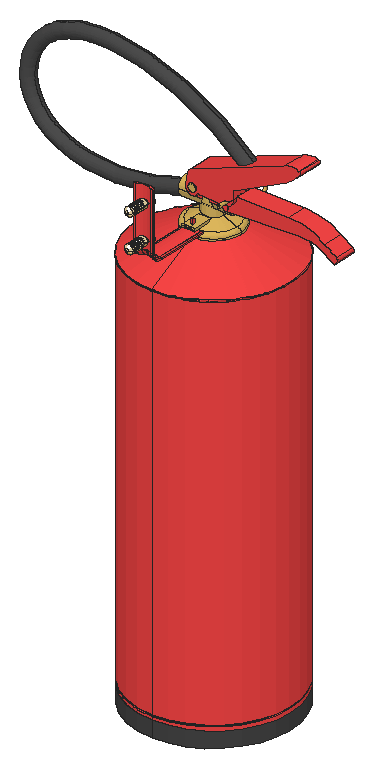
Revit family "Extintor Portátil - BC", category Proteção contra incêndio, Revit 2026
Family settings
  Cota do conector redondo = Utilizar diâmetro
  Tipo de parte = Normal
  Com base no plano de trabalho = Não
  Ativar corte nas vistas = Sim
  Sempre na vertical = Sim
  Corte com vazios quando carregada = Não
  Manter orientação da anotação = Não
  Compartilhado = Sim
  Ponto de cálculo do ambiente = Não
Parameters (values of type "20-BC - 6 kg")
  Tipo de imagem = Extintor - BC.png
  Tipo = "BC"
  SÍMBOLO = yes
  Sinalização de Solo [instance] = no
  Pernambuco = no
  Mato Grosso = no
  IMAGEM SIMBOLO PERNAMBUCO = 0
  IMAGEM SIMBOLO MATO GROSSO = 0
  IMAGEM SIMBOLO DISTRITO FEDERAL = 0
  IMAGEM SIMBOLO DEMAIS ESTADOS = 0
  Formato = "Portátil"
  Distro Federal = no
  Desloc. Frente [instance] = 20.00 cm
  Desloc. Esquerda [instance] = 0.00 cm
  Descrição = "Extintor Portátil - 20-B:C - 6 kg"
  Elevação padrão = 0.00 cm
  DESCRIÇÃO DO MATERIAL = Descrição  # "Extintor Portátil - 20-B:C - 6 kg"
  Type Comments = ""
  Demais estados = yes
  Carga = "6 kg"
  Capacidade Extintora = "20-B:C"
  Altura Instalada = 160.00 cm
Types (2, lengths in cm): name | Descrição | DESCRIÇÃO DO MATERIAL | Carga
  20-BC - 6 kg | "Extintor Portátil - 20-B:C - 6 kg" | "Extintor Portátil - 20-B:C - 6 kg" | "6 kg"
  40-BC - 12 kg | "Extintor Portátil - 40-B:C - 12 kg" | "Extintor Portátil - 40-B:C - 12 kg" | "12 kg"
Reference planes (cm)
  plane 1 "Centro (Frente/Trás)": y = 0
  plane 2: z = 0
  plane 3 "Centro (Esquerda/Direita)": x = 0
  plane 4: z = 160
  plane 5: z = 114.8285
Forms (cm)
  Revolve 1, solid, material "LATÃO", not visible
    sketch origin (512.5, 9.4644, -108.8868) x (1, 0, 0) y (0, 0, -1)
      loop
        line (-515.352, -267.1402) -> (-515.352, -267.3086)
        arc (-515.352, -267.3086) -> (-515.2378, -267.604) -> (-514.9545, -267.7457) r 0.4391
        line (-514.9545, -267.7457) -> (-513.5976, -268.3784) -> (-513.5976, -270.9598) -> (-512.5, -270.9598) -> (-512.5, -267.1402) -> (-515.352, -267.1402)
      axis (-512.5, -270.9598) -> (-512.5, -267.1402)
    angle from 0 to 360
  Extrusion 2, solid, material "LATÃO", not visible
    sketch origin (0, -8.5356, -108.8868) x (0, 1, 0) y (0, 0, -1)
      loop
        circle (18, -269.8519) r 1
    from -2.2901 to 2.852
  Extrusion 3, solid, material "Pintura Vermelha", not visible
    sketch origin (512.5, 11.7385, -108.8868) x (1, 0, 0) y (0, 0, -1)
      loop
        line (-514.431, -270.7615) -> (-514.2399, -271.8201)
        arc (-514.2399, -271.8201) -> (-514.07, -272.1841) -> (-513.7426, -272.4168) r 0.7871
        line (-513.7426, -272.4168) -> (-504.0905, -276.0508)
        arc (-504.0905, -276.0508) -> (-503.3249, -276.2128) -> (-502.5558, -276.0688) r 2
        line (-502.5558, -276.0688) -> (-502.4623, -276.0312)
        arc (-502.4623, -276.0312) -> (-502.359, -275.9073) -> (-502.4054, -275.7529) r 0.1702
        line (-502.4054, -275.7529) -> (-502.8188, -275.3394)
        arc (-502.8188, -275.3394) -> (-503.3151, -274.918) -> (-503.8731, -274.5828) r 4
        line (-503.8731, -274.5828) -> (-509.346, -271.8744) -> (-509.346, -271.0161)
        arc (-509.346, -271.0161) -> (-509.5312, -270.5072) -> (-510.0002, -270.2364) r 0.7917
        line (-510.0002, -270.2364) -> (-510.5886, -270.1327) -> (-513.1244, -270.31)
        arc (-513.1244, -270.31) -> (-513.9703, -269.9786) -> (-514.431, -270.7615) r 0.7
      loop
        circle (-513.7416, -270.6402) r 0.3999
      loop
        circle (-510.1681, -270.511) r 0.174
    from -3.5171 to -1.0457
  Extrusion 4, solid, material "Pintura Vermelha", not visible
    sketch origin (512.5, 11.7385, -108.8868) x (1, 0, 0) y (0, 0, -1)
      loop
        line (-514.4685, -270.738) -> (-514.2111, -271.6263)
        arc (-514.2111, -271.6263) -> (-514.1084, -271.7833) -> (-513.931, -271.8441) r 0.289
        line (-513.931, -271.8441) -> (-509.9322, -271.8441)
        arc (-509.9322, -271.8441) -> (-509.5653, -271.7141) -> (-509.3622, -271.382) r 0.5825
        line (-509.3622, -271.382) -> (-509.3259, -271.2101) -> (-503.785, -271.2101)
        arc (-503.785, -271.2101) -> (-501.8304, -270.9093) -> (-500.0567, -270.0346) r 6.5
        line (-500.0567, -270.0346) -> (-498.8325, -269.1774)
        arc (-498.8325, -269.1774) -> (-498.7163, -268.9761) -> (-498.7958, -268.7576) r 0.275
        line (-498.7958, -268.7576) -> (-499.0612, -268.4922) -> (-500.8253, -269.5254)
        arc (-500.8253, -269.5254) -> (-501.7717, -269.8338) -> (-502.7644, -269.9058) r 4.1122
        line (-502.7644, -269.9058) -> (-510.4608, -269.5288) -> (-510.7626, -269.8306) -> (-513.8876, -269.8306)
        arc (-513.8876, -269.8306) -> (-514.3665, -270.1636) -> (-514.4685, -270.738) r 0.7603
      loop
        circle (-513.7416, -270.6402) r 0.3999
      loop
        circle (-510.1792, -270.5042) r 0.2205
    from -3.3101 to -1.2023
  Extrusion 5, solid, material "LATÃO", not visible, detail levels medium+fine
    sketch origin (512.5, 13.2385, -108.2618) x (1, 0, 0) y (0, 0, -1)
      loop
        circle (-512.5, -269.2509) r 1.5
    from -1.2576 to -0.9824
  Sweep 6, solid, material "MANGUEIRA EXTINTOR", not visible
    path origin (512.5, 9.4099, -108.8868) x (1, 0, 0) y (0, 0, -1)
      loop
        spline (-514.8263, -269.8635) -> (-519.9522, -268.4972) -> (-524.5272, -268.3983) -> (-528.2055, -269.3959) -> (-530.6532, -271.3101) -> (-531.7331, -273.8106) -> (-531.4716, -276.4419) -> (-529.9001, -278.7449) -> (-527.05, -280.2603) -> (-523.041, -280.6093) -> (-518.283, -279.6772) -> (-513.2454, -277.403) -> (-508.3975, -273.7263)
    profile origin (-18.9716, 9.4099, 167.5551) x (0.940178, 0, -0.340682) y (0, 1, 0)
      loop
        circle (0, 0) r 0.7064
  Extrusion 7, solid, material "LATÃO", not visible
    sketch origin (512.5, 11.7385, -1.7466) x (1, 0, 0) y (0, 0, -1)
      loop
        circle (-513.7416, -163.5) r 0.3999
    from -3.5547 to -1.0118
  Sweep 8, solid, material "LATÃO", not visible
    path origin (-10.6073, 13.9644, 176.5919) x (-0.653611, 0, 0.756831) y (0, 1, 0)
      loop
        line (-19.7675, -6.7287) -> (-19.7675, -3.2287)
        arc (-19.7675, -3.2287) -> (-19.8376, -3.0235) -> (-20.0186, -2.9042) r 0.3352
        arc (-20.0186, -2.9042) -> (-19.7105, -0.9379) -> (-19.6283, -2.9265) r 1
    profile origin (2.3129, 8.9857, 161.6312) x (0.653611, 0, -0.756831) y (-0.756831, 0, -0.653611)
      loop
        circle (0, 0) r 0.1386
  Extrusion 9, solid, material "LATÃO", not visible
    sketch origin (0, 3.4644, -0.5084) x (0, 1, 0) y (0, 0, 1)
      loop
        line (4.8999, 160) -> (2.7614, 160)
        arc (2.7614, 160) -> (2.6976, 159.9769) -> (2.6634, 159.9183) r 0.0996
        line (2.6634, 159.9183) -> (2.6634, 159.8172)
        arc (2.6634, 159.8172) -> (2.6946, 159.7514) -> (2.7624, 159.7247) r 0.0992
        line (2.7624, 159.7247) -> (4.3095, 159.7247) -> (4.8999, 160)
    from -0.6244 to 0.6912
  Extrusion 10, void, not visible
    sketch origin (0, 0.2973, -1.1737) x (1, 0, 0) y (0, 1, 0)
      loop
        circle (-0.0064, 6.4293) r 0.2336
    from 160.2 to 160.7791
  Revolve 11, solid, material "Pintura Vermelha"
    sketch origin (0, 0, 0) x (0, 1, 0) y (0, 0, 1)
      loop
        line (9.1671, 159.4271) -> (9.1671, 116.4981) -> (17.1671, 116.4981) -> (17.1671, 116.8285) -> (16.9679, 116.8285) -> (16.9679, 117.0285) -> (17.1671, 117.0285) -> (17.1671, 156.6535)
        arc (17.1671, 156.6535) -> (17.2243, 156.6689) -> (17.2659, 156.711) r 0.1136
        arc (17.2659, 156.711) -> (17.2691, 156.7524) -> (17.2392, 156.7812) r 0.0487
        line (17.2392, 156.7812) -> (12.0191, 159.4271) -> (9.1671, 159.4271)
      axis (9.1671, 159.4271) -> (9.1671, 116.4981)
    angle from 0 to 360
  Revolve 12, solid, material "Cor Preta"
    sketch origin (0, 0, 0) x (0, 1, 0) y (0, 0, 1)
      loop
        line (9.1671, 116.4981) -> (9.1671, 114.8285) -> (17.1671, 114.8285) -> (17.1671, 116.4981) -> (9.1671, 116.4981)
      axis (9.1671, 116.4981) -> (9.1671, 114.8285)
    angle from 0 to 360
  Revolve 13, solid, material "LATÃO"
    sketch origin (512.5, 9.1671, -107.7131) x (1, 0, 0) y (0, 0, -1)
      loop
        line (-515.352, -267.1402) -> (-515.352, -267.3086)
        arc (-515.352, -267.3086) -> (-515.2378, -267.604) -> (-514.9545, -267.7457) r 0.4391
        line (-514.9545, -267.7457) -> (-513.5976, -268.3784) -> (-513.5976, -270.9598) -> (-512.5, -270.9598) -> (-512.5, -267.1402) -> (-515.352, -267.1402)
      axis (-512.5, -270.9598) -> (-512.5, -267.1402)
    angle from 0 to 360
  Extrusion 14, solid, material "LATÃO"
    sketch origin (0, -8.8329, -107.7131) x (0, 1, 0) y (0, 0, -1)
      loop
        circle (18, -269.8519) r 1
    from -2.2901 to 2.852
  Extrusion 15, solid, material "Pintura Vermelha"
    sketch origin (512.5, 11.4412, -107.7131) x (1, 0, 0) y (0, 0, -1)
      loop
        line (-514.431, -270.7615) -> (-514.2399, -271.8201)
        arc (-514.2399, -271.8201) -> (-514.07, -272.1841) -> (-513.7426, -272.4168) r 0.7871
        line (-513.7426, -272.4168) -> (-504.0905, -276.0508)
        arc (-504.0905, -276.0508) -> (-503.3249, -276.2128) -> (-502.5558, -276.0688) r 2
        line (-502.5558, -276.0688) -> (-502.4623, -276.0312)
        arc (-502.4623, -276.0312) -> (-502.359, -275.9073) -> (-502.4054, -275.7529) r 0.1702
        line (-502.4054, -275.7529) -> (-502.8188, -275.3394)
        arc (-502.8188, -275.3394) -> (-503.3151, -274.918) -> (-503.8731, -274.5828) r 4
        line (-503.8731, -274.5828) -> (-509.346, -271.8744) -> (-509.346, -271.0161)
        arc (-509.346, -271.0161) -> (-509.5312, -270.5072) -> (-510.0002, -270.2364) r 0.7917
        line (-510.0002, -270.2364) -> (-510.5886, -270.1327) -> (-513.1244, -270.31)
        arc (-513.1244, -270.31) -> (-513.9703, -269.9786) -> (-514.431, -270.7615) r 0.7
      loop
        circle (-513.7416, -270.6402) r 0.3999
      loop
        circle (-510.1681, -270.511) r 0.174
    from -3.5171 to -1.0457
  Extrusion 16, solid, material "Pintura Vermelha"
    sketch origin (512.5, 11.4412, -107.7131) x (1, 0, 0) y (0, 0, -1)
      loop
        line (-514.4685, -270.738) -> (-514.2111, -271.6263)
        arc (-514.2111, -271.6263) -> (-514.1084, -271.7833) -> (-513.931, -271.8441) r 0.289
        line (-513.931, -271.8441) -> (-509.9322, -271.8441)
        arc (-509.9322, -271.8441) -> (-509.5653, -271.7141) -> (-509.3622, -271.382) r 0.5825
        line (-509.3622, -271.382) -> (-509.3259, -271.2101) -> (-503.785, -271.2101)
        arc (-503.785, -271.2101) -> (-501.8304, -270.9093) -> (-500.0567, -270.0346) r 6.5
        line (-500.0567, -270.0346) -> (-498.8325, -269.1774)
        arc (-498.8325, -269.1774) -> (-498.7163, -268.9761) -> (-498.7958, -268.7576) r 0.275
        line (-498.7958, -268.7576) -> (-499.0612, -268.4922) -> (-500.8253, -269.5254)
        arc (-500.8253, -269.5254) -> (-501.7717, -269.8338) -> (-502.7644, -269.9058) r 4.1122
        line (-502.7644, -269.9058) -> (-510.4608, -269.5288) -> (-510.7626, -269.8306) -> (-513.8876, -269.8306)
        arc (-513.8876, -269.8306) -> (-514.3665, -270.1636) -> (-514.4685, -270.738) r 0.7603
      loop
        circle (-513.7416, -270.6402) r 0.3999
      loop
        circle (-510.1792, -270.5042) r 0.2205
    from -3.3101 to -1.2023
  Extrusion 17, solid, material "LATÃO"
    sketch origin (512.5, 12.9412, -107.0881) x (1, 0, 0) y (0, 0, -1)
      loop
        circle (-512.5, -269.2509) r 1.5
    from -1.2576 to -0.9824
  Sweep 18, solid, material "MANGUEIRA EXTINTOR"
    path origin (512.5, 9.1126, -107.7131) x (1, 0, 0) y (0, 0, -1)
      loop
        spline (-514.8263, -269.8635) -> (-519.9522, -268.4972) -> (-524.5272, -268.3983) -> (-528.2055, -269.3959) -> (-530.6532, -271.3101) -> (-531.7331, -273.8106) -> (-531.4716, -276.4419) -> (-529.9001, -278.7449) -> (-527.05, -280.2603) -> (-523.041, -280.6093) -> (-518.283, -279.6772) -> (-513.2454, -277.403) -> (-508.3975, -273.7263)
    profile origin (-18.9716, 9.1126, 168.7288) x (0.940178, 0, -0.340682) y (0, 1, 0)
      loop
        circle (0, 0) r 0.7064
  Extrusion 19, solid, material "LATÃO"
    sketch origin (512.5, 11.4412, -0.5729) x (1, 0, 0) y (0, 0, -1)
      loop
        circle (-513.7416, -163.5) r 0.3999
    from -3.5547 to -1.0118
  Sweep 20, solid, material "LATÃO"
    path origin (-10.6073, 13.6671, 177.7656) x (-0.653611, 0, 0.756831) y (0, 1, 0)
      loop
        line (-19.7675, -6.7287) -> (-19.7675, -3.2287)
        arc (-19.7675, -3.2287) -> (-19.8376, -3.0235) -> (-20.0186, -2.9042) r 0.3352
        arc (-20.0186, -2.9042) -> (-19.7105, -0.9379) -> (-19.6283, -2.9265) r 1
    profile origin (2.3129, 8.6884, 162.8049) x (0.653611, 0, -0.756831) y (-0.756831, 0, -0.653611)
      loop
        circle (0, 0) r 0.1386
  Extrusion 21, solid, material "LATÃO"
    sketch origin (0, 3.1671, 0.6653) x (0, 1, 0) y (0, 0, 1)
      loop
        line (4.8999, 160) -> (2.7614, 160)
        arc (2.7614, 160) -> (2.6976, 159.9769) -> (2.6634, 159.9183) r 0.0996
        line (2.6634, 159.9183) -> (2.6634, 159.8172)
        arc (2.6634, 159.8172) -> (2.6946, 159.7514) -> (2.7624, 159.7247) r 0.0992
        line (2.7624, 159.7247) -> (4.3095, 159.7247) -> (4.8999, 160)
    from -0.6244 to 0.6912
  Extrusion 22, solid, material "Sinalização de Solo - Vermelho", visible <- "Sinalização de Solo", detail levels fine
    sketch origin (0, 0, 0) x (1, 0, 0) y (0, 1, 0)
      loop
        line (-35, 15) -> (35, 15) -> (35, 85) -> (-35, 85) -> (-35, 15)
    from 0 to 0.1
  Extrusion 23, solid, material "Sinalização de Solo - Amarela", visible <- "Sinalização de Solo", detail levels fine
    sketch origin (0, 0, 0) x (1, 0, 0) y (0, 1, 0)
      loop
        line (-50, 0) -> (50, 0) -> (50, 100) -> (-50, 100) -> (-50, 0)
      loop
        line (-35, 15) -> (35, 15) -> (35, 85) -> (-35, 85) -> (-35, 15)
    from 0 to 0.1
Dimensions and locks (cm)
  "Altura Instalada": plane 4 to level
  locked: plane 5 to plane 4 at 45.1715
  "Desloc. Frente": plane 1 "Centro (Frente/Trás)" to nested 4
  "Desloc. Frente": plane 1 "Centro (Frente/Trás)" to nested 5
  "Desloc. Frente": plane 1 "Centro (Frente/Trás)" to nested 6
  "Desloc. Esquerda": nested 4 to plane 3 "Centro (Esquerda/Direita)"
  "Desloc. Esquerda": nested 5 to plane 3 "Centro (Esquerda/Direita)"
  "Desloc. Esquerda": nested 6 to plane 3 "Centro (Esquerda/Direita)"
  "Desloc. Frente": nested 7 to plane 1 "Centro (Frente/Trás)"
  "Desloc. Esquerda": nested 7 to plane 3 "Centro (Esquerda/Direita)"
  aligned and locked: level to plane 2
Automatic sketch dimensions
  Revolve 11 sketch curve to plane 4 = 0.5729 cm
  Revolve 11 sketch curve to plane 1 "Centro (Frente/Trás)" = 9.1671 cm
  Revolve 11 sketch curve to Revolve 11 sketch curve = 2.852 cm
  plane 5 to Revolve 11 sketch curve = 2.20 cm
  Revolve 11 sketch curve to Revolve 11 sketch curve = 7.8008 cm
  Revolve 11 sketch curve to Revolve 11 sketch curve = 0.1992 cm  (x2)
  Revolve 11 sketch curve to Revolve 11 sketch curve = 0.0564 cm
  Revolve 11 sketch curve to plane 4 = 3.2188 cm
  Revolve 11 sketch curve to Revolve 11 sketch curve = 0.0157 cm
  Revolve 11 sketch curve to Revolve 11 sketch curve = 0.20 cm
  plane 5 to Revolve 11 sketch curve = 1.6697 cm
  Revolve 11 sketch curve to Revolve 11 sketch curve = 0.1277 cm
  Revolve 11 sketch curve to Revolve 11 sketch curve = 0.0461 cm
  Revolve 11 sketch curve to Revolve 11 sketch curve = 0.032 cm
  Revolve 11 sketch curve to Revolve 11 sketch curve = 0.00 cm  (x2)
  Revolve 11 sketch curve to Revolve 11 sketch curve = 0.3303 cm
  Revolve 12 sketch curve to plane 5 = 0.00 cm  (x2)
  plane 5 to Revolve 12 sketch curve = 1.6697 cm
  Revolve 12 sketch curve to plane 1 "Centro (Frente/Trás)" = 9.1671 cm
  Revolve 12 sketch curve to Revolve 12 sketch curve = 8.00 cm
  Revolve 12 sketch curve to Revolve 12 sketch curve = 0.00 cm
  Revolve 12 sketch curve to Revolve 12 sketch curve = 0.3303 cm
  Revolve 13 sketch curve to plane 3 "Centro (Esquerda/Direita)" = 0.00 cm  (x2)
  Revolve 13 sketch curve to Revolve 13 sketch curve = 1.0976 cm
  Revolve 13 sketch curve to plane 4 = 0.4045 cm
  Revolve 13 sketch curve to Revolve 13 sketch curve = 1.3153 cm
  plane 4 to Revolve 13 sketch curve = 0.0326 cm
  Revolve 13 sketch curve to Revolve 13 sketch curve = 0.0416 cm
  plane 4 to Revolve 13 sketch curve = 0.6653 cm
  Revolve 13 sketch curve to Revolve 13 sketch curve = 2.5813 cm
  Revolve 13 sketch curve to plane 4 = 0.5729 cm
  Revolve 13 sketch curve to Revolve 13 sketch curve = 0.2882 cm
  Revolve 13 sketch curve to Revolve 13 sketch curve = 0.9686 cm
  plane 4 to Extrusion 14 sketch curve = 2.1388 cm
  Extrusion 14 sketch curve to plane 1 "Centro (Frente/Trás)" = 9.1671 cm
  Extrusion 15 sketch curve to Extrusion 15 sketch curve = 0.00 cm  (x2)
  Extrusion 15 sketch curve to plane 3 "Centro (Esquerda/Direita)" = 1.931 cm
  Extrusion 15 sketch curve to Extrusion 15 sketch curve = 0.1912 cm
  Extrusion 15 sketch curve to Extrusion 15 sketch curve = 0.4972 cm
  Extrusion 15 sketch curve to Extrusion 15 sketch curve = 0.6894 cm
  Extrusion 15 sketch curve to Extrusion 15 sketch curve = 0.7746 cm
  Extrusion 15 sketch curve to plane 3 "Centro (Esquerda/Direita)" = 0.6244 cm
  plane 3 "Centro (Esquerda/Direita)" to Extrusion 15 sketch curve = 1.9114 cm
  Extrusion 15 sketch curve to Extrusion 15 sketch curve = 0.4204 cm
  Extrusion 15 sketch curve to Extrusion 15 sketch curve = 0.0305 cm
  Extrusion 15 sketch curve to Extrusion 15 sketch curve = 0.1679 cm
  Extrusion 15 sketch curve to Extrusion 15 sketch curve = 0.7917 cm
  plane 3 "Centro (Esquerda/Direita)" to Extrusion 15 sketch curve = 6.8527 cm
  Extrusion 15 sketch curve to Extrusion 15 sketch curve = 1.5568 cm
  Extrusion 15 sketch curve to Extrusion 15 sketch curve = 0.2174 cm
  Extrusion 15 sketch curve to Extrusion 15 sketch curve = 0.5716 cm
  Extrusion 15 sketch curve to Extrusion 15 sketch curve = 0.4827 cm
  Extrusion 15 sketch curve to Extrusion 15 sketch curve = 0.2631 cm
  Extrusion 15 sketch curve to Extrusion 15 sketch curve = 0.0301 cm
  Extrusion 15 sketch curve to Extrusion 15 sketch curve = 0.0935 cm
  Extrusion 15 sketch curve to Extrusion 15 sketch curve = 0.1204 cm
  plane 4 to Extrusion 15 sketch curve = 10.4547 cm
  Extrusion 15 sketch curve to Extrusion 15 sketch curve = 2.0991 cm
  Extrusion 15 sketch curve to Extrusion 15 sketch curve = 0.018 cm
  Extrusion 15 sketch curve to Extrusion 15 sketch curve = 0.0376 cm
  Extrusion 15 sketch curve to Extrusion 15 sketch curve = 0.1579 cm
  Extrusion 15 sketch curve to Extrusion 15 sketch curve = 0.4135 cm
  plane 4 to Extrusion 15 sketch curve = 4.7037 cm
  plane 4 to Extrusion 15 sketch curve = 4.1613 cm
  Extrusion 15 sketch curve to Extrusion 15 sketch curve = 0.5967 cm
  Extrusion 15 sketch curve to Extrusion 15 sketch curve = 0.8584 cm
  Extrusion 15 sketch curve to Extrusion 15 sketch curve = 1.0586 cm
  Extrusion 15 sketch curve to Extrusion 15 sketch curve = 0.1213 cm
  Extrusion 15 sketch curve to Extrusion 15 sketch curve = 0.2746 cm
  Extrusion 15 sketch curve to Extrusion 15 sketch curve = 0.3783 cm
  Extrusion 16 sketch curve to plane 3 "Centro (Esquerda/Direita)" = 1.9685 cm
  Extrusion 16 sketch curve to Extrusion 16 sketch curve = 0.2574 cm
  Extrusion 16 sketch curve to Extrusion 16 sketch curve = 0.2801 cm
  Extrusion 16 sketch curve to Extrusion 16 sketch curve = 0.5809 cm
  Extrusion 16 sketch curve to Extrusion 16 sketch curve = 0.7269 cm
  Extrusion 16 sketch curve to Extrusion 16 sketch curve = 0.0154 cm
  plane 3 "Centro (Esquerda/Direita)" to Extrusion 16 sketch curve = 1.7374 cm
  Extrusion 16 sketch curve to Extrusion 16 sketch curve = 0.3018 cm  (x2)
  Extrusion 16 sketch curve to Extrusion 16 sketch curve = 0.5834 cm
  Extrusion 16 sketch curve to Extrusion 16 sketch curve = 0.2471 cm
  Extrusion 16 sketch curve to Extrusion 16 sketch curve = 0.57 cm
  Extrusion 16 sketch curve to Extrusion 16 sketch curve = 0.0363 cm
  Extrusion 16 sketch curve to plane 4 = 3.003 cm
  Extrusion 16 sketch curve to Extrusion 16 sketch curve = 6.6758 cm
  plane 4 to Extrusion 16 sketch curve = 2.1927 cm
  Extrusion 16 sketch curve to Extrusion 16 sketch curve = 1.0206 cm
  Extrusion 16 sketch curve to Extrusion 16 sketch curve = 1.2217 cm
  plane 4 to Extrusion 16 sketch curve = 1.8123 cm
  Extrusion 16 sketch curve to Extrusion 16 sketch curve = 1.9391 cm
  plane 4 to Extrusion 16 sketch curve = 2.3215 cm
  Extrusion 16 sketch curve to Extrusion 16 sketch curve = 0.7686 cm
  plane 4 to Extrusion 16 sketch curve = 0.7791 cm
  Extrusion 16 sketch curve to Extrusion 16 sketch curve = 0.9955 cm
  Extrusion 16 sketch curve to Extrusion 16 sketch curve = 0.0709 cm
  plane 4 to Extrusion 16 sketch curve = 1.4643 cm
  Extrusion 16 sketch curve to Extrusion 16 sketch curve = 0.1578 cm
  plane 4 to Extrusion 16 sketch curve = 1.0445 cm
  Extrusion 16 sketch curve to Extrusion 16 sketch curve = 0.1945 cm
  Extrusion 16 sketch curve to Extrusion 16 sketch curve = 0.0515 cm
  Extrusion 16 sketch curve to Extrusion 16 sketch curve = 0.1719 cm
  Extrusion 16 sketch curve to Extrusion 16 sketch curve = 0.289 cm
  Extrusion 16 sketch curve to Extrusion 16 sketch curve = 0.8883 cm
  Extrusion 16 sketch curve to Extrusion 16 sketch curve = 0.0978 cm
  Extrusion 16 sketch curve to Extrusion 16 sketch curve = 0.0666 cm
  Extrusion 16 sketch curve to Extrusion 16 sketch curve = 0.7574 cm
  Extrusion 17 sketch curve to plane 3 "Centro (Esquerda/Direita)" = 0.00 cm
  plane 4 to Extrusion 17 sketch curve = 2.1628 cm
  Sweep 18 sketch curve to plane 3 "Centro (Esquerda/Direita)" = 2.3263 cm
  plane 4 to Sweep 18 sketch curve = 6.0132 cm
  plane 3 "Centro (Esquerda/Direita)" to Sweep 18 sketch curve = 4.1025 cm
  plane 4 to Sweep 18 sketch curve = 2.1504 cm
  Sweep 18 sketch curve to profile plane = 0.00 cm  (x2)
  Extrusion 19 sketch curve to plane 3 "Centro (Esquerda/Direita)" = 1.2416 cm
  plane 4 to Extrusion 19 sketch curve = 2.9271 cm
  Sweep 20 sketch curve to plane 1 "Centro (Frente/Trás)" = 10.4384 cm
  Sweep 20 sketch curve to Sweep 20 sketch curve = 0.3352 cm  (x2)
  Sweep 20 sketch curve to Sweep 20 sketch curve = 1.2925 cm
  Sweep 20 sketch curve to Sweep 20 sketch curve = 0.00 cm
  Sweep 20 sketch curve to Sweep 20 sketch curve = 0.1392 cm
  Sweep 20 sketch curve to Sweep 20 sketch curve = 3.50 cm
  profile plane to Sweep 20 sketch curve = 0.00 cm  (x2)
  plane 4 to Extrusion 21 sketch curve = 0.5836 cm
  Extrusion 21 sketch curve to plane 1 "Centro (Frente/Trás)" = 5.8305 cm
  Extrusion 21 sketch curve to Extrusion 21 sketch curve = 0.098 cm
  Extrusion 21 sketch curve to Extrusion 21 sketch curve = 0.099 cm
  plane 4 to Extrusion 21 sketch curve = 0.39 cm
  Extrusion 21 sketch curve to Extrusion 21 sketch curve = 1.5471 cm
  plane 4 to Extrusion 21 sketch curve = 0.6653 cm
  Extrusion 21 sketch curve to Extrusion 21 sketch curve = 0.5904 cm
  Extrusion 21 sketch curve to Extrusion 21 sketch curve = 0.101 cm
  Extrusion 22 sketch curve to plane 3 "Centro (Esquerda/Direita)" = 35.00 cm
  plane 3 "Centro (Esquerda/Direita)" to Extrusion 22 sketch curve = 35.00 cm
  Extrusion 22 sketch curve to plane 1 "Centro (Frente/Trás)" = 15.00 cm
  Extrusion 22 sketch curve to Extrusion 22 sketch curve = 70.00 cm
  plane 1 "Centro (Frente/Trás)" to Extrusion 23 sketch curve = 0.00 cm
  Extrusion 23 sketch curve to plane 3 "Centro (Esquerda/Direita)" = 50.00 cm
  Extrusion 23 sketch curve to Extrusion 23 sketch curve = 15.00 cm  (x3)
  Extrusion 23 sketch curve to plane 1 "Centro (Frente/Trás)" = 15.00 cm
  plane 3 "Centro (Esquerda/Direita)" to Extrusion 23 sketch curve = 35.00 cm
  Extrusion 23 sketch curve to Extrusion 23 sketch curve = 70.00 cm
  radius of Extrusion 14 sketch curve = 1.00 cm
  radius of Extrusion 15 sketch curve = 0.3999 cm
  radius of Extrusion 15 sketch curve = 0.174 cm
  radius of Extrusion 16 sketch curve = 0.3999 cm
  radius of Extrusion 16 sketch curve = 0.2205 cm
  radius of Extrusion 17 sketch curve = 1.50 cm
  radius of Sweep 18 sketch curve = 0.7064 cm
  radius of Extrusion 19 sketch curve = 0.3999 cm
  radius of Sweep 20 sketch curve = 0.1386 cm
Nested families (cm)
  nested 1: "Suporte Universal de Extintor" at (0, 0, 160) x (0, -1, 0) z (0, 0, 1), type "Suporte Universal de Extintor"
  nested 2: "Parafuso Nº 08 com Bucha 08" at (-0.0069, 0.3919, 161.8745) x (1, 0.004, 0) z (-0.004, 1, 0), type "Parafuso Nº 08 - Bucha Nº 08"
  nested 3: "Parafuso Nº 08 com Bucha 08" at (-0.0002, 0.3922, 165.3708) x (1, 0.0002, 0) z (-0.0002, 1, 0), type "Parafuso Nº 08 - Bucha Nº 08"
  nested 4: "CARGA DE PÓ BC" at (0, 20, 0) x (-1, 0, 0) z (0, 0, 1), visible <- "Demais estados", type "CARGA DE PÓ BC 1-100", detail levels coarse+medium
    with Esc. Símbolo - 1/100~200 no, Desloc. Frente 0.00 cm, Desloc. Esquerda 0.00 cm
  nested 5: "EXTINTOR - CARGA DE PÓ BC 1-100 - DF" at (0, 20, 0), visible <- "Distro Federal", type "EXTINTOR - CARGA DE PÓ BC 1-100 - DF", detail levels coarse+medium
    with Esc. Símbolo - 1/100~200 yes, Desloc. Frente 0.00 cm, Desloc. Esquerda 0.00 cm
  nested 6: "EXTINTOR - CARGA DE PÓ BC 1-100 - PE" at (0, 20, 0), visible <- "Pernambuco", type "EXTINTOR - CARGA DE PÓ BC 1-100 - PE", detail levels coarse+medium
    with Esc. Símbolo - 1/100~200 yes, Desloc. Frente 0.00 cm, Desloc. Esquerda 0.00 cm
  nested 7: "CARGA DE PÓ BC" at (0, 20, 0) x (-1, 0, 0) z (0, 0, 1), visible <- "Mato Grosso", type "CARGA DE PÓ BC 1-100", detail levels coarse+medium
    with Esc. Símbolo - 1/100~200 no, Desloc. Frente 0.00 cm, Desloc. Esquerda 0.00 cm
Definition of nested family "Suporte Universal de Extintor"
  Parameters (values of type "Suporte Universal de Extintor")
    Default Elevation = 121.92 cm
    Description = "Suporte Universal"
  Reference planes (cm)
    plane 1 "Centro (Frente/Trás)": y = 0
    plane 2: z = 0
    plane 3 "Centro (Esquerda/Direita)": x = 0
  Forms (cm)
    Sweep 1, solid, detail levels fine
      path origin (0, -0.0046, 0) x (-1, 0, 0) y (0, 0, -1)
        loop
          line (6.5, 0) -> (0.9978, 0)
          arc (0.9978, 0) -> (0.2923, -0.2923) -> (0, -0.9978) r 0.9978
          line (0, -0.9978) -> (0, -7)
      profile origin (-3.7489, -0.0046, 0) x (0, 0, 1) y (0, -1, 0)
        loop
          line (0, 0.9938) -> (0, 0.798)
          arc (0, 0.798) -> (0.2, -0.0031) -> (0, -0.8041) r 1.7043
          line (0, -0.8041) -> (0, -1) -> (0.0993, -1)
          arc (0.0993, -1) -> (0.1705, -0.9705) -> (0.2, -0.8993) r 0.1007
          line (0.2, -0.8993) -> (0.2, -0.7983)
          arc (0.2, -0.7983) -> (0.3905, -0.0047) -> (0.2, 0.789) r 1.7487
          line (0.2, 0.789) -> (0.2, 0.8899)
          arc (0.2, 0.8899) -> (0.1696, 0.9634) -> (0.0961, 0.9938) r 0.1039
          line (0.0961, 0.9938) -> (0, 0.9938)
    Extrusion 2, void
      sketch origin (0, -0.0015, 0.0031) x (0, 1, 0) y (0, 0, -1)
        loop
          circle (0, -5.3731) r 0.3
        loop
          circle (0, -1.8731) r 0.3
      from 0.0451 to 0.4141
    Extrusion 3, void
      sketch origin (0, -0.0015, 0.0031) x (-1, 0, 0) y (0, -1, 0)
        loop
          circle (1.8404, 0) r 0.3
        loop
          circle (4.8404, 0) r 0.3
      from 0.0525 to 0.4326
    Sweep 4, solid, detail levels fine
      path origin (0, -0.0015, 0.0031) x (-1, 0, 0) y (0, -1, 0)
        loop
          line (0, -0.2529) -> (0, 0.2471)
      profile origin (0, 0.0015, 0.0031) x (1, 0, 0) y (0, 0, 1)
        loop
          arc (-0.9978, 0.109) -> (-0.4067, 0.3993) -> (-0.1252, 0.9947) r 0.9978
          line (-0.1252, 0.9947) -> (-0.4658, 0.9947)
          arc (-0.4658, 0.9947) -> (-0.842, 0.8389) -> (-0.9978, 0.4627) r 0.532
          line (-0.9978, 0.4627) -> (-0.9978, 0.109)
    Sweep 5, solid, detail levels fine
      path in 3D
        loop
          arc (-6.5, -0.0989, 0.3877) -> (-6.5, -0.0003, 0.3905) -> (-6.5, 0.0984, 0.3877) r 1.7487
      profile origin (-6.5, -0.0003, 0.3905) x (-1, 0, 0) y (0, -0.000219, 1)
        loop
          line (0, 0) -> (0, 0.6637)
          arc (0, 0.6637) -> (-0.0242, 0.7221) -> (-0.0827, 0.7463) r 0.0827
          line (-0.0827, 0.7463) -> (-0.1624, 0.7463) -> (-0.1624, 0) -> (0, 0)
  Cuts and joins
    Extrusion 2 cuts Sweep 1
  Lines and regions (cm)
    sketch lines
      curve 1: arc (-6.5, -0.0989, 0.3877) -> (-6.5, -0.0003, 0.3905) -> (-6.5, 0.0984, 0.3877) r 1.7487
  Dimensions and locks (cm)
    aligned and locked: level to plane 2
  Nested families (cm)
    nested 1: "Parafuso Nº 08 com Bucha 08" at (-0.3919, -0.0069, 1.8745) x (-0.004, 1, 0) z (-1, -0.004, 0), type "Parafuso Nº 08 - Bucha Nº 08", detail levels fine
    nested 2: "Parafuso Nº 08 com Bucha 08" at (-0.3922, -0.0002, 5.3708) x (-0.0002, 1, 0) z (-1, -0.0002, 0), type "Parafuso Nº 08 - Bucha Nº 08", detail levels fine
  Definition of nested family "Parafuso Nº 08 com Bucha 08"
    Parameters (values of type "Parafuso Nº 08 - Bucha Nº 08")
      Rede Social: = "@GAlves"
      Família Criada por: = "Geraldo G. Alves"
      Email p/ contato: = "geraldoalvesbim@gmail.com"
      Default Elevation = 0.00 cm
    Reference planes (cm)
      plane 1 "Centro (Frente/Trás)": y = 0
      plane 2: z = 0
      plane 3 "Centro (Esquerda/Direita)": x = 0
    Forms (cm)
      Revolve 1, solid, detail levels fine
        sketch origin (0, 0, 0) x (1, 0, 0) y (0, 0, 1)
          loop
            line (0, 0.3324) -> (0, -2.1985) -> (0.2983, -1.9001) -> (0.2983, -0.0012) -> (0.6054, -0.0012) -> (0.6054, 0.3324) -> (0, 0.3324)
          axis (0, 0.3324) -> (0, -2.1985)
        angle from 0 to 360
      Extrusion 2, void
        sketch origin (0, 0, 0) x (1, 0, 0) y (0, 1, 0)
          loop
            line (-0.6795, -0.0613) -> (0.7114, -0.0613)
            arc (0.7114, -0.0613) -> (0.7205, -0.0003) -> (0.72, 0.0613) r 0.4
            line (0.72, 0.0613) -> (-0.6819, 0.0613)
            arc (-0.6819, 0.0613) -> (-0.6854, -0.0001) -> (-0.6795, -0.0613) r 0.4
        from 0.0805 to 0.4173
      Revolve 3, solid, not visible
        sketch origin (0, 0, 0) x (1, 0, 0) y (0, 0, 1)
          loop
            line (0, 0.3324) -> (0, -1.2474) -> (0.202, -1.2474) -> (0.202, -0.0012) -> (0.4, -0.0012) -> (0.4, 0.3324) -> (0, 0.3324)
          axis (0, 0.3324) -> (0, -1.2474)
        angle from 0 to 360
      Extrusion 4, void, not visible
        sketch origin (0, 0, 0) x (1, 0, 0) y (0, 1, 0)
          loop
            line (-0.3953, -0.0613) -> (0.3953, -0.0613)
            arc (0.3953, -0.0613) -> (0.4, 0) -> (0.3953, 0.0613) r 0.4
            line (0.3953, 0.0613) -> (-0.3953, 0.0613)
            arc (-0.3953, 0.0613) -> (-0.4, 0) -> (-0.3953, -0.0613) r 0.4
        from 0.0805 to 0.4173
      Revolve 5, solid, detail levels fine
        sketch origin (0, 0, 0) x (1, 0, 0) y (0, 0, 1)
          loop
            line (0.2983, -0.4335) -> (0.2983, -2.2322) -> (0, -2.5012) -> (0.1701, -2.5012) -> (0.4477, -2.2509) -> (0.4477, -2.154) -> (0.3622, -2.154) -> (0.3622, -2.0652)
            arc (0.3622, -2.0652) -> (0.395, -1.9998) -> (0.4477, -1.949) r 0.2161
            line (0.4477, -1.949) -> (0.4477, -1.8673) -> (0.3622, -1.8673) -> (0.3622, -1.7785)
            arc (0.3622, -1.7785) -> (0.395, -1.7131) -> (0.4477, -1.6623) r 0.2161
            line (0.4477, -1.6623) -> (0.4477, -1.5807) -> (0.3622, -1.5807) -> (0.3622, -1.4918)
            arc (0.3622, -1.4918) -> (0.395, -1.4264) -> (0.4477, -1.3757) r 0.2161
            line (0.4477, -1.3757) -> (0.4477, -1.294) -> (0.3622, -1.294) -> (0.3622, -1.2051)
            arc (0.3622, -1.2051) -> (0.395, -1.1397) -> (0.4477, -1.089) r 0.2161
            line (0.4477, -1.089) -> (0.4477, -1.0073) -> (0.3622, -1.0073) -> (0.3622, -0.9184)
            arc (0.3622, -0.9184) -> (0.395, -0.853) -> (0.4477, -0.8023) r 0.2161
            line (0.4477, -0.8023) -> (0.4477, -0.4335) -> (0.2983, -0.4335)
          axis (0, -0.4335) -> (0, -2.5012)
        angle from 0 to 360
    Cuts and joins
      Extrusion 2 cuts Revolve 1
    Dimensions and locks (cm)
      Revolve 1 sketch curve to Revolve 1 sketch curve = 0.6054 cm
      aligned and locked: level to plane 2
Definition of nested family "Parafuso Nº 08 com Bucha 08"
  Parameters (values of type "Parafuso Nº 08 - Bucha Nº 08")
    Rede Social: = "@GAlves"
    Família Criada por: = "Geraldo G. Alves"
    Email p/ contato: = "geraldoalvesbim@gmail.com"
    Default Elevation = 0.00 cm
  Reference planes (cm)
    plane 1 "Centro (Frente/Trás)": y = 0
    plane 2: z = 0
    plane 3 "Centro (Esquerda/Direita)": x = 0
  Forms (cm)
    Revolve 1, solid, detail levels fine
      sketch origin (0, 0, 0) x (1, 0, 0) y (0, 0, 1)
        loop
          line (0, 0.3324) -> (0, -2.1985) -> (0.2983, -1.9001) -> (0.2983, -0.0012) -> (0.6054, -0.0012) -> (0.6054, 0.3324) -> (0, 0.3324)
        axis (0, 0.3324) -> (0, -2.1985)
      angle from 0 to 360
    Extrusion 2, void
      sketch origin (0, 0, 0) x (1, 0, 0) y (0, 1, 0)
        loop
          line (-0.6795, -0.0613) -> (0.7114, -0.0613)
          arc (0.7114, -0.0613) -> (0.7205, -0.0003) -> (0.72, 0.0613) r 0.4
          line (0.72, 0.0613) -> (-0.6819, 0.0613)
          arc (-0.6819, 0.0613) -> (-0.6854, -0.0001) -> (-0.6795, -0.0613) r 0.4
      from 0.0805 to 0.4173
    Revolve 3, solid, not visible
      sketch origin (0, 0, 0) x (1, 0, 0) y (0, 0, 1)
        loop
          line (0, 0.3324) -> (0, -1.2474) -> (0.202, -1.2474) -> (0.202, -0.0012) -> (0.4, -0.0012) -> (0.4, 0.3324) -> (0, 0.3324)
        axis (0, 0.3324) -> (0, -1.2474)
      angle from 0 to 360
    Extrusion 4, void, not visible
      sketch origin (0, 0, 0) x (1, 0, 0) y (0, 1, 0)
        loop
          line (-0.3953, -0.0613) -> (0.3953, -0.0613)
          arc (0.3953, -0.0613) -> (0.4, 0) -> (0.3953, 0.0613) r 0.4
          line (0.3953, 0.0613) -> (-0.3953, 0.0613)
          arc (-0.3953, 0.0613) -> (-0.4, 0) -> (-0.3953, -0.0613) r 0.4
      from 0.0805 to 0.4173
    Revolve 5, solid, detail levels fine
      sketch origin (0, 0, 0) x (1, 0, 0) y (0, 0, 1)
        loop
          line (0.2983, -0.4335) -> (0.2983, -2.2322) -> (0, -2.5012) -> (0.1701, -2.5012) -> (0.4477, -2.2509) -> (0.4477, -2.154) -> (0.3622, -2.154) -> (0.3622, -2.0652)
          arc (0.3622, -2.0652) -> (0.395, -1.9998) -> (0.4477, -1.949) r 0.2161
          line (0.4477, -1.949) -> (0.4477, -1.8673) -> (0.3622, -1.8673) -> (0.3622, -1.7785)
          arc (0.3622, -1.7785) -> (0.395, -1.7131) -> (0.4477, -1.6623) r 0.2161
          line (0.4477, -1.6623) -> (0.4477, -1.5807) -> (0.3622, -1.5807) -> (0.3622, -1.4918)
          arc (0.3622, -1.4918) -> (0.395, -1.4264) -> (0.4477, -1.3757) r 0.2161
          line (0.4477, -1.3757) -> (0.4477, -1.294) -> (0.3622, -1.294) -> (0.3622, -1.2051)
          arc (0.3622, -1.2051) -> (0.395, -1.1397) -> (0.4477, -1.089) r 0.2161
          line (0.4477, -1.089) -> (0.4477, -1.0073) -> (0.3622, -1.0073) -> (0.3622, -0.9184)
          arc (0.3622, -0.9184) -> (0.395, -0.853) -> (0.4477, -0.8023) r 0.2161
          line (0.4477, -0.8023) -> (0.4477, -0.4335) -> (0.2983, -0.4335)
        axis (0, -0.4335) -> (0, -2.5012)
      angle from 0 to 360
  Cuts and joins
    Extrusion 2 cuts Revolve 1
  Dimensions and locks (cm)
    Revolve 1 sketch curve to Revolve 1 sketch curve = 0.6054 cm
    aligned and locked: level to plane 2
Definition of nested family "CARGA DE PÓ BC"
  Parameters (values of type "CARGA DE PÓ BC 1-100")
    Esc. Símbolo - 1/100~200 [instance] = yes
    Desloc. Frente [instance] = 0.00 cm
    Desloc. Esquerda [instance] = 0.00 cm
  Reference planes (cm)
    plane 1: y = 0
    plane 2: x = 0
  Lines and regions (cm)
    Masking region 1
      outline origin (-0.3625, 0.1586, 0) x (1, 0, 0) y (0, 1, 0)
        loop
          line (0.6625, -0.1586) -> (0.3625, 0.361) -> (0.0625, -0.1586) -> (0.6625, -0.1586)
    Masking region 2, not visible
      outline origin (-0.3625, 0.1586, 0) x (1, 0, 0) y (0, 1, 0)
        loop
          line (0.3, 0) -> (0, 0.5196) -> (-0.3, 0) -> (0.3, 0)
    detail lines
      curve 1: line (-0.09, 0.263, 0) -> (0.09, 0.263, 0)
      curve 2: line (-0.09, 0.083, 0) -> (-0.09, 0.263, 0)
      curve 3: line (0.09, 0.083, 0) -> (-0.09, 0.083, 0)
      curve 4: line (0.09, 0.263, 0) -> (0.09, 0.083, 0)
      curve 9: line (-0.09, 0.263, 0) -> (0.09, 0.083, 0)
      curve 10: line (0.09, 0.263, 0) -> (-0.09, 0.083, 0)
      curve 13: line (0, 0.5196, 0) -> (-0.3, 0, 0)
      curve 14: line (-0.3, 0, 0) -> (0.3, 0, 0)
      curve 15: line (0.3, 0, 0) -> (0, 0.5196, 0)
    detail lines, not visible
      curve 5: line (-0.4525, 0.4216, 0) -> (-0.2725, 0.4216, 0)
      curve 6: line (-0.4525, 0.2416, 0) -> (-0.4525, 0.4216, 0)
      curve 7: line (-0.2725, 0.2416, 0) -> (-0.4525, 0.2416, 0)
      curve 8: line (-0.2725, 0.4216, 0) -> (-0.2725, 0.2416, 0)
      curve 11: line (-0.4525, 0.4216, 0) -> (-0.2725, 0.2416, 0)
      curve 12: line (-0.2725, 0.4216, 0) -> (-0.4525, 0.2416, 0)
      curve 16: line (-0.3625, 0.6782, 0) -> (-0.6625, 0.1586, 0)
      curve 17: line (-0.6625, 0.1586, 0) -> (-0.0625, 0.1586, 0)
      curve 18: line (-0.0625, 0.1586, 0) -> (-0.3625, 0.6782, 0)
Definition of nested family "EXTINTOR - CARGA DE PÓ BC 1-100 - DF"
  Parameters (values of type "EXTINTOR - CARGA DE PÓ BC 1-100 - DF")
    Esc. Símbolo - 1/100~200 [instance] = yes
    Desloc. Frente [instance] = 0.00 cm
    Desloc. Esquerda [instance] = 0.00 cm
  Reference planes (cm)
    plane 1: y = 0
    plane 2: x = 0
  Lines and regions (cm)
    detail lines
      curve 1: circle (0, 0.3, 0) r 0.3 normal (0, 0, 1)
      curve 5: line (0, 0.6, 0) -> (0, 0, 0)
      curve 6: line (0, 0.3, 0) -> (0.3, 0.3, 0)
    detail lines, not visible
      curve 2: circle (-0.3625, 0.4586, 0) r 0.3 normal (0, 0, 1)
      curve 3: line (-0.3625, 0.7586, 0) -> (-0.3625, 0.1586, 0)
      curve 4: line (-0.3625, 0.4586, 0) -> (-0.6625, 0.4586, 0)
Definition of nested family "EXTINTOR - CARGA DE PÓ BC 1-100 - PE"
  Parameters (values of type "EXTINTOR - CARGA DE PÓ BC 1-100 - PE")
    Esc. Símbolo - 1/100~200 [instance] = yes
    Desloc. Frente [instance] = 0.00 cm
    Desloc. Esquerda [instance] = 0.00 cm
  Reference planes (cm)
    plane 1: y = 0
    plane 2: x = 0
  Lines and regions (cm)
    detail lines
      curve 1: circle (0, 0.3, 0) r 0.3 normal (0, 0, 1)
      curve 2: circle (0, 0.3, 0) r 0.2 normal (0, 0, 1)
      curve 3: line (0, 0.5, 0) -> (0, 0.1, 0)
      curve 4: line (-0.2, 0.3, 0) -> (0.2, 0.3, 0)
    detail lines, not visible
      curve 5: circle (-0.3625, 0.4586, 0) r 0.3 normal (0, 0, 1)
      curve 6: circle (-0.3625, 0.4586, 0) r 0.1981 normal (0, 0, 1)
      curve 7: line (-0.3625, 0.6567, 0) -> (-0.3625, 0.2605, 0)
      curve 8: line (-0.5606, 0.4586, 0) -> (-0.1644, 0.4586, 0)
